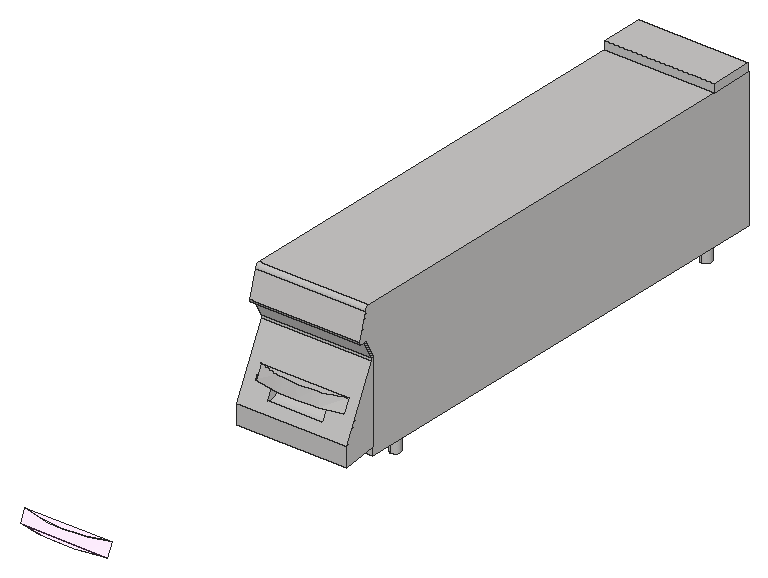
Revit family "QF_ZANUSSI_392157_Z9WTNBN00E", category Specialty Equipment, Revit 2018
Family settings
  Round Connector Dimension = Use Diameter
  Part Type = Normal
  Work Plane-Based = No
  Always vertical = Yes
  Cut with Voids When Loaded = No
  Shared = No
  Room Calculation Point = No
Parameters
  Weight = 0.00 kg
  Watts = 0 W
  Volts = 0 V
  URL Manufacturer = "http://www.zanussiprofessional.com"
  URL = "http://www.zanussiprofessional.com"
  Steam Supply Size = 0"
  Steam Supply Minimum Pressure = 0.00 psi
  Steam Supply Maximum Pressure = 0.00 psi
  Steam Pounds per Hour = 0
  Show Logo [instance] = yes
  Show Clearance [instance] = yes
  Refrigeration Suction Line Size = 0"
  Refrigeration Liquid Line Size = 0"
  Refrigerant Compressor Remote = yes
  Phase = 0
  Model = "Z9WTNBN00E"
  Manufacturer = "Zanussi"
  Length Actual = 200 mm  # constant formula
  Item Number = "392157"
  Hot Water Size = 0"
  Height Actual = 250 mm  # constant formula
  HP = "0 HP"
  Gas Size = 0"
  Gas KW = 0
  Gas Input Pressure = 0.0 Btu/h
  Direct Waste Size = 0"
  Description = "WORKTOP WITH 1 DRAWER 200 MM"
  Depth Actual = 900 mm  # constant formula
  Cycle = 0 Hz
  Condensate Return Size = 0"
  Compressed Air Volume = 0 GPM
  Compressed Air Size = 0"
  Compressed Air Pressure = 0.00 psi
  Cold Water Size = 0"
  Accessory = yes
Reference planes
  plane 1 "BACK": y = 0
  plane 2: z = 0
  plane 3 "LEFT": x = 0
  plane 4 "RIGHT": x = 200
  plane 5 "FRONT": y = -915
  plane 6 "TOP": z = 274
  plane 7 "Center Y": x = 100
  plane 8 "Center X": y = -457.5
  plane 9: z = 24
  plane 10: z = 289
  plane 11: y = -82
  plane 12: y = -790
  plane 13: y = -1452
Forms (mm)
  Extrusion 1, solid, material "QF_Finishes_Stainless Steel"
    sketch origin (0, 0, 0) x (0, 1, 0) y (0, 0, 1)
      loop
        line (0, 24) -> (0, 274) -> (-864.358, 274)
        arc (-864.358, 274) -> (-869.643, 271.811) -> (-871.833, 266.526) r 7.474
        line (-871.833, 266.526) -> (-884.884, 221.011)
        arc (-884.884, 221.011) -> (-884.396, 218.379) -> (-882, 217.184) r 3
        line (-882, 217.184) -> (-871.802, 217.184) -> (-855, 185.382) -> (-855, 24) -> (0, 24)
    from 0 to 200
  Extrusion 2, solid, material "QF_Finishes_Stainless Steel"
    sketch origin (0, -199.871, 0) x (1, 0, 0) y (0, 1, 0)
      loop
        circle (11.112, 117.871) r 9.525
      loop
        circle (188.888, 117.871) r 9.525
      loop
        circle (11.112, -590.129) r 9.525
      loop
        circle (188.888, -590.129) r 9.525
    from 0 to 23.812
  Extrusion 3, solid, material "QF_Finishes_Stainless Steel"
    sketch origin (0, -199.871, 0) x (0, 1, 0) y (0, 0, 1)
      loop
        line (199.871, 274) -> (199.871, 289) -> (123.671, 289) -> (123.671, 274) -> (199.871, 274)
    from 0 to 200
  Extrusion 4, solid, material "QF_Finishes_Stainless Steel"
    sketch origin (200, 0, 0) x (0, 1, 0) y (0, 0, 1)
      loop
        line (-915, 29.508) -> (-855, 37.94) -> (-855, 185.382) -> (-871.802, 217.184) -> (-876.044, 217.184) -> (-858, 184.14) -> (-858, 179.287) -> (-915, 64.508) -> (-915, 29.508)
    from 0 to -200
  Extrusion 5, solid, material "QF_Door-Drawer Clearances", detail levels coarse
    sketch origin (200, 0, 0) x (0, 1, 0) y (0, 0, 1)
      loop
        line (-915, 29.508) -> (-915, 64.508) -> (-858, 179.287) -> (-858, 184.14) -> (-891.044, 217.184) -> (-1428.044, 217.184) -> (-1395, 184.14) -> (-1395, 179.287) -> (-1452, 64.508) -> (-1452, 29.508) -> (-915, 29.508)
    from 0 to -200
  Extrusion 6, void
    sketch origin (100, -248.305, -452.198) x (0, 1, 0) y (0, 0, 1)
      loop
        line (-657.912, 565.282) -> (-657.912, 534.492)
        arc (-657.912, 534.492) -> (-639.376, 540.619) -> (-631.466, 558.467) r 24.091
        line (-631.466, 558.467) -> (-631.466, 565.282) -> (-657.912, 565.282)
    from -50 to 50
  Blend 7, solid, material "QF_Finishes_Stainless Steel"
    base sketch origin (0, -16.479, -7.89) x (1, 0, 0) y (0, 1, 0)
      loop
        arc (20, -868.568) -> (100, -885.193) -> (180, -868.568) r 200.786
        line (180, -868.568) -> (20, -868.568)
    top sketch origin (0, -16.479, -7.89) x (1, 0, 0) y (0, 1, 0)
      loop
        arc (20, -879.666) -> (100, -890.208) -> (180, -879.666) r 308.829
        line (180, -879.666) -> (20, -879.666)
    from 132.714 to 110.323
  Blend 8, solid, material "QF_Door-Drawer Clearances"
    base sketch origin (0, -538.479, -7.89) x (1, 0, 0) y (0, 1, 0)
      loop
        arc (20, -883.568) -> (100, -899.035) -> (180, -883.568) r 214.628
        line (180, -883.568) -> (20, -883.568)
    top sketch origin (0, -538.479, -7.89) x (1, 0, 0) y (0, 1, 0)
      loop
        arc (20, -894.666) -> (100, -904.491) -> (180, -894.666) r 330.612
        line (180, -894.666) -> (20, -894.666)
    from 132.714 to 110.323
Cuts and joins
  Extrusion 6 cuts Extrusion 1
  Extrusion 6 cuts Extrusion 4
Lines and regions (mm)
  symbolic lines
    curve 1: line (0, -915, 0) -> (200, -915, 0)
    curve 2: line (0, 0, 0) -> (0, -915, 0)
    curve 3: line (200, 0, 0) -> (0, 0, 0)
    curve 4: line (200, -915, 0) -> (200, 0, 0)
    curve 5: line (0, -76.2, 0) -> (200, -76.2, 0)
  symbolic lines, style "QF_Door-Drawer Clearances"
    curve 6: line (0, -915, 0) -> (0, -1446.569, 0)
    curve 7: line (0, -1446.569, 0) -> (200, -1446.569, 0)
    curve 8: line (200, -1446.569, 0) -> (200, -915, 0)
    curve 9: line (200, -1432.763, 0) -> (0, -1432.763, 0)
    curve 10: line (0, -1421.798, 0) -> (200, -1421.798, 0)
Dimensions and locks
  equal spacing: plane 3 "LEFT", plane 7 "Center Y", plane 4 "RIGHT"
  plane 3 "LEFT" to plane 4 "RIGHT" = 200 mm
  equal spacing: plane 5 "FRONT", plane 8 "Center X", plane 1 "BACK"
  plane 5 "FRONT" to plane 1 "BACK" = 915 mm
  plane 10 to level = 289 mm
  plane 9 to level = 24 mm
  plane 9 to plane 2 = 24 mm
  plane 11 to plane 1 "BACK" = 82 mm
  plane 12 to plane 11 = 708 mm
  plane 6 "TOP" to plane 9 = 250 mm
  plane 1 "BACK" to plane 13 = 1452 mm
  aligned and locked: level to plane 2
  aligned and locked: Extrusion 4 to Extrusion 1
Automatic sketch dimensions
  curve 1 to plane 3 "LEFT" = 0 mm
  curve 5 to plane 4 "RIGHT" = 0 mm
  plane 5 "FRONT" to curve 2 = 0 mm
  plane 1 "BACK" to curve 3 = 0 mm
  curve 7 to plane 13 = 5.431 mm
  curve 6 to curve 10 = 24.771 mm
  curve 9 to curve 10 = 10.964 mm
  curve 5 to plane 11 = 5.8 mm
  Extrusion 1 sketch curve to plane 6 "TOP" = 0 mm
  Extrusion 1 sketch curve to plane 9 = 0 mm
  Extrusion 1 sketch curve to plane 1 "BACK" = 0 mm
  Extrusion 1 sketch curve to plane 12 = 65 mm
  Extrusion 1 sketch curve to plane 5 "FRONT" = 50.642 mm
  Extrusion 1 sketch curve to plane 5 "FRONT" = 43.198 mm
  Extrusion 1 sketch curve to plane 6 "TOP" = 7.474 mm
  Extrusion 1 sketch curve to Extrusion 1 sketch curve = 10.198 mm
  Extrusion 1 sketch curve to Extrusion 1 sketch curve = 2.884 mm
  Extrusion 1 sketch curve to Extrusion 1 sketch curve = 81.144 mm
  Extrusion 1 sketch curve to Extrusion 1 sketch curve = 49.342 mm
  Extrusion 1 sketch curve to Extrusion 1 sketch curve = 3 mm
  Extrusion 2 sketch curve to Extrusion 2 sketch curve = 0 mm  (x8)
  plane 11 to Extrusion 2 sketch curve = 0 mm  (x2)
  Extrusion 2 sketch curve to plane 12 = 0 mm  (x2)
  plane 3 "LEFT" to Extrusion 2 sketch curve = 11.112 mm  (x2)
  Extrusion 2 sketch curve to plane 4 "RIGHT" = 11.112 mm  (x2)
  Extrusion 2 sketch curve to Extrusion 2 sketch curve = 9.525 mm  (x2)
  plane 11 to Extrusion 2 sketch curve = 9.525 mm  (x2)
  Extrusion 3 sketch curve to plane 6 "TOP" = 0 mm
  Extrusion 3 sketch curve to plane 10 = 0 mm
  Extrusion 3 sketch curve to plane 1 "BACK" = 0 mm
  Extrusion 3 sketch curve to plane 11 = 5.8 mm
  Extrusion 1 to Extrusion 4 sketch curve = 0 mm  (x2)
  Extrusion 4 sketch curve to Extrusion 1 = 0 mm  (x2)
  Extrusion 4 sketch curve to Extrusion 4 sketch curve = 4.243 mm
  Extrusion 4 sketch curve to Extrusion 1 = 5.508 mm
  Extrusion 1 to Extrusion 4 sketch curve = 60 mm
  Extrusion 1 to Extrusion 4 sketch curve = 3 mm
  Extrusion 4 sketch curve to Extrusion 1 = 13.94 mm
  Extrusion 4 sketch curve to Extrusion 4 sketch curve = 35 mm
  Extrusion 4 sketch curve to Extrusion 4 sketch curve = 6.096 mm
  Extrusion 4 sketch curve to Extrusion 4 sketch curve = 1.243 mm
  Extrusion 5 sketch curve to Extrusion 1 = 0 mm
  Extrusion 5 sketch curve to Extrusion 1 = 5.508 mm
  Extrusion 1 to Extrusion 5 sketch curve = 597 mm
  Extrusion 5 sketch curve to Extrusion 5 sketch curve = 23.956 mm
  Extrusion 5 sketch curve to Extrusion 5 sketch curve = 33.044 mm
  Extrusion 1 to Extrusion 5 sketch curve = 60 mm
  Extrusion 1 to Extrusion 5 sketch curve = 36.044 mm
  Extrusion 1 to Extrusion 5 sketch curve = 3 mm
  Extrusion 5 sketch curve to Extrusion 5 sketch curve = 35 mm  (x2)
  Extrusion 1 to Extrusion 5 sketch curve = 37.897 mm  (x2)
  Extrusion 5 sketch curve to Extrusion 5 sketch curve = 4.853 mm  (x2)
  Extrusion 6 sketch curve to plane 5 "FRONT" = 8.783 mm
  Extrusion 6 sketch curve to Extrusion 6 sketch curve = 2.355 mm
  Extrusion 6 sketch curve to Extrusion 6 sketch curve = 24.091 mm
  plane 9 to Extrusion 6 sketch curve = 58.294 mm
  Extrusion 6 sketch curve to Extrusion 6 sketch curve = 6.815 mm
  Blend 7 sketch curve to plane 7 "Center Y" = 0 mm  (x2)
  plane 3 "LEFT" to Blend 7 sketch curve = 20 mm  (x2)
  Blend 7 sketch curve to plane 5 "FRONT" = 29.953 mm
  plane 12 to Blend 7 sketch curve = 89.114 mm
  Blend 7 sketch curve to plane 5 "FRONT" = 18.854 mm
  Blend 7 sketch curve to plane 8 "Center X" = 140.359 mm
  Blend 8 sketch curve to plane 7 "Center Y" = 0 mm  (x2)
  plane 3 "LEFT" to Blend 8 sketch curve = 20 mm  (x2)
  Blend 8 sketch curve to plane 13 = 29.953 mm
  Blend 8 sketch curve to Blend 8 sketch curve = 199.161 mm
  Blend 8 sketch curve to plane 13 = 18.854 mm
  plane 5 "FRONT" to Blend 8 sketch curve = 197.359 mm
